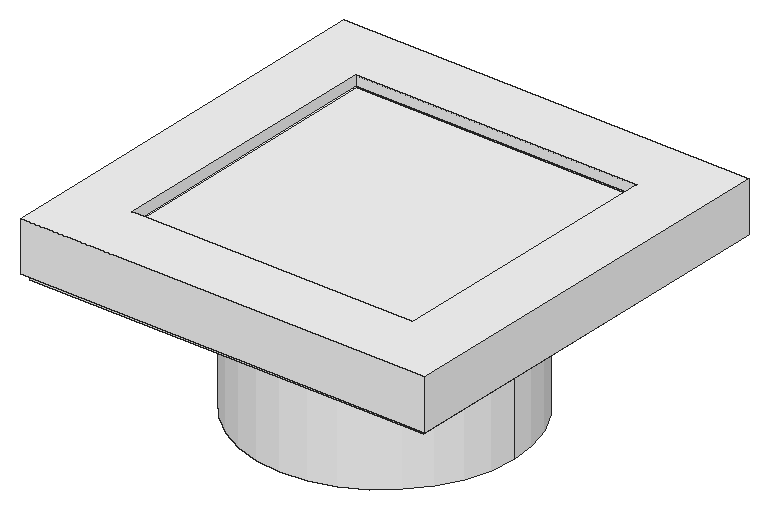
Revit family "Gira_284426", category Electrical Fixtures, host Face, Revit 2017
Family settings
  Host = Face
  Maintain Annotation Orientation = Yes
  Round Connector Dimension = Use Diameter
  Part Type = Normal
  Cut with Voids When Loaded = No
  Shared = No
  Room Calculation Point = No
Parameters (values of type "Rocker btn BS 3-g NO con. System 55 c.alum.")
  With lighting = "No"
  White [instance] = White
  URL = "http://katalog.gira.de/en/datenblatt.html?artikelnr=284426"
  Type of fastening = "Mounting with claw and screw"
  Transparent = "No"
  Surface protection = "Other"
  Suitable for degree of protection (IP) = "IP20"
  Number of rockers = "3"
  Name = "Rocker btn BS 3-g NO con. System 55 c.alum."
  Mounting method = "Flush mounted (plaster)"
  Model = "Group push button"
  Method of operation = "Rocker"
  Material quality = "Thermoplastic"
  Material = "Plastic"
  Manufacturer URL = "https://www.gira.de/"
  Manufacturer = "Gira"
  Label space/information surface = "No"
  Imprint = "None"
  HeinzeBIM = "https://bimportal.heinze.de/bim/rocker-btn-bs-3-g-no-con-system-55-c-alum-/8a902496e7e4be6738c38e03717799fdec74f0b2"
  Halogen free = "Yes"
  HAN = "284426"
  GTIN = "4010337082057"
  Description = "Rock.btn BS 3g 10A NO con.1-p Sys55 CAl,British Standard rocker button (BS EN 60669-1), 3-gang 10 A 250 V~ with rockers,System 55, support ring 71 x 71 mm, NO contact 1-pole,colour aluminium,Features:,- With screw terminals.,,Notes :,- For screw mounting only."
  Default Elevation = 1219.2 mm
  Data sheet (1) = "https://katalog.gira.de/en/download.html?artikelnr=284426"
  Contacts = "Other"
  Colour = "Aluminium"
  Category = "Push-switch button"
  BIM (1) = "https://media.stage.bim.site/public/gira/36a6b08/Sys55_Komplettgerät_Schalten und Tasten.rfa?public/gira/36a6b08/Sys55_Komplettgerät_Schalten und Tasten.rfa"
  Available = "No"
  Assembly arrangement = "Basic element with adapter plate"
Reference planes
  plane 1 "Center (Front/Back)": y = 0
  plane 2: z = 0
  plane 3 "Center (Left/Right)": x = 0
Forms (mm)
  Extrusion 1, solid, material "White" <- "White", detail levels medium
    sketch origin (0, 0, 0) x (1, 0, 0) y (0, 1, 0)
      loop
        line (-40.4, 40.4) -> (-40.4, -40.4) -> (40.4, -40.4) -> (40.4, 40.4) -> (-40.4, 40.4)
      loop
        line (-28, 28) -> (-28, -28) -> (28, -28) -> (28, 28) -> (-28, 28)
    from 0 to 10
  Extrusion 2, solid, material "White" <- "White", detail levels fine
    sketch origin (0, 0, 0) x (1, 0, 0) y (0, 1, 0)
      loop
        line (-40.4, 40.4) -> (-40.4, -40.4) -> (40.4, -40.4) -> (40.4, 40.4) -> (-40.4, 40.4)
      loop
        line (-28, 28) -> (-28, -28) -> (28, -28) -> (28, 28) -> (-28, 28)
    from 0 to 10
  Extrusion 3, void
    sketch origin (0, 0, 0) x (1, 0, 0) y (0, 1, 0)
      loop
        line (-38.4, 38.4) -> (-38.4, -38.4) -> (38.4, -38.4) -> (38.4, 38.4) -> (-38.4, 38.4)
    from 0 to 8
  Extrusion 4, solid, material "White" <- "White", detail levels medium+fine
    sketch origin (0, 0, 0) x (1, 0, 0) y (0, 1, 0)
      loop
        line (-39.4, 39.4) -> (-39.4, -39.4) -> (39.4, -39.4) -> (39.4, 39.4) -> (-39.4, 39.4)
    from 0 to -1
  Extrusion 5, solid, material "White" <- "White", detail levels medium+fine
    sketch origin (0, 0, 0) x (1, 0, 0) y (0, 1, 0)
      loop
        line (-35.5, 35.5) -> (-35.5, -35.5) -> (35.5, -35.5) -> (35.5, 35.5) -> (-35.5, 35.5)
    from -2 to -3
  Extrusion 6, solid, material "White" <- "White", detail levels medium+fine
    sketch origin (0, 0, 0) x (1, 0, 0) y (0, 1, 0)
      loop
        circle (0, 0) r 26
    from 0 to -27.5
  Extrusion 7, solid, material "White" <- "White", detail levels coarse
    sketch origin (0, 0, 0) x (1, 0, 0) y (0, 1, 0)
      loop
        line (-40.4, 40.4) -> (-40.4, -40.4) -> (40.4, -40.4) -> (40.4, 40.4) -> (-40.4, 40.4)
    from -27.5 to 10
Cuts and joins
  Extrusion 3 cuts Extrusion 2
Dimensions and locks
  aligned and locked: plane 2 to host face
  aligned and locked: level to host face
  aligned and locked: plane 3 "Center (Left/Right)" to nested 2
  aligned and locked: plane 1 "Center (Front/Back)" to nested 2
Nested families
  nested 1: "Sys55_Abdeckung_Schalten und Tasten_floor_base" at (0, 0, 0), type "Sys55_Abdeckung_Schalten und Tasten_floor_base"
  nested 2: "Schalter" at (0, 0, 0), type "Schalter"
Connectors
  electrical at (0, 0, -27.5)
    settings: on Extrusion 6, index 1, voltage 220 V, apparent load 0 VA, apparent load phase1 0 VA, apparent load phase2 0 VA, apparent load phase3 0 VA, power factor 1, load classification "Other", number of poles 1, system type 30, power factor state 1, is connector primary yes, connector utility no, sub classification motor no, connector description ""
Definition of nested family "Sys55_Abdeckung_Schalten und Tasten_floor_base"
  Parameters
    Default Elevation = 1219.2 mm
    White [instance] = none
  Reference planes
    plane 1 "Center (Front/Back)": y = 0
    plane 2: z = 0
    plane 3 "Center (Left/Right)": x = 0
  Forms (mm)
    Extrusion 1, solid
      sketch origin (0, 0, 0) x (1, 0, 0) y (0, 1, 0)
        loop
          line (-1219.2, 1219.2) -> (-1219.2, -1219.2) -> (1219.2, -1219.2) -> (1219.2, 1219.2) -> (-1219.2, 1219.2)
      from 0 to -304.8
    Extrusion 2, solid, material <- "White", detail levels fine
      sketch origin (0, 0, 0) x (1, 0, 0) y (0, 1, 0)
        loop
          line (-27.5, 27.5) -> (-27.5, -27.5) -> (27.5, -27.5) -> (27.5, 27.5) -> (-27.5, 27.5)
      from 0 to 8
    Extrusion 3, void
      sketch origin (0, 0, 0) x (1, 0, 0) y (0, 1, 0)
        loop
          line (26, 26) -> (-26, 26) -> (-26, -26) -> (26, -26) -> (26, 26)
      from 0 to 6
    Extrusion 4, solid, material <- "White", detail levels medium
      sketch origin (0, 0, 0) x (1, 0, 0) y (0, 1, 0)
        loop
          line (-27.5, 27.5) -> (-27.5, -27.5) -> (27.5, -27.5) -> (27.5, 27.5) -> (-27.5, 27.5)
      from 0 to 8
    Extrusion 5, solid, material <- "White", detail levels medium
      sketch origin (0, 0, 0) x (1, 0, 0) y (0, 1, 0)
        loop
          line (11, -17.5) -> (11, 17.5) -> (-11, 17.5) -> (-11, -17.5) -> (11, -17.5)
      from -6 to 6
    Extrusion 6, solid, material <- "White", detail levels fine
      sketch origin (0, 0, 0) x (1, 0, 0) y (0, 1, 0)
        loop
          line (11, 17.5) -> (-11, 17.5) -> (-11, 16.5) -> (11, 16.5) -> (11, 17.5)
        loop
          line (-11, -16.5) -> (-11, -17.5) -> (11, -17.5) -> (11, -16.5) -> (-11, -16.5)
      from -4 to 6
    Extrusion 7, solid, material <- "White", detail levels fine
      sketch origin (0, 0, 0) x (1, 0, 0) y (0, 1, 0)
        loop
          arc (5, 9.347) -> (0, 10.6) -> (-5, 9.347) r 10.6
          line (-5, 9.347) -> (-5, -9.347)
          arc (-5, -9.347) -> (0, -10.6) -> (5, -9.347) r 10.6
          line (5, -9.347) -> (5, 9.347)
      from -6 to 6
    Extrusion 8, solid, material <- "White", detail levels coarse
      sketch origin (0, 0, 0) x (1, 0, 0) y (0, 1, 0)
        loop
          line (-27.5, 27.5) -> (-27.5, -27.5) -> (27.5, -27.5) -> (27.5, 27.5) -> (-27.5, 27.5)
      from -6 to 8
  Cuts and joins
    Extrusion 3 cuts Extrusion 2
  Dimensions and locks
    aligned and locked: plane 2 to Extrusion 1
    aligned and locked: level to Extrusion 1
Definition of nested family "Schalter"
  Reference planes
    plane 1: y = 0
    plane 2: x = 0
  Lines and regions (mm)
    detail lines
      curve 1: circle (1.375, 2.778, 0) r 0.8 normal (0, 0, 1)
      curve 2: line (1.021, 2.061, 0) -> (0, 0, 0)
      curve 3: line (0, 0, 0) -> (-0.538, 0.266, 0)
  Dimensions and locks
    curve 2 to curve 2 = 2.3 mm
    curve 3 to curve 2 = 0.6 mm
    radius of curve 1 = 0.8 mm
